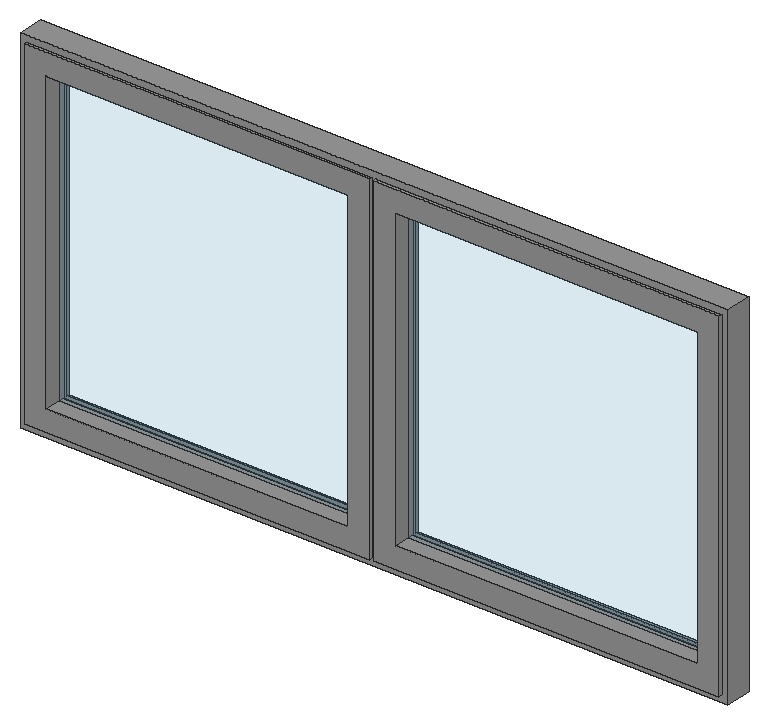
Revit family "Kawneer_Window_GT70s_Pos003", category Windows, host Wall, Revit 2020 (continued)
Definition of nested family "Kawneer_GT70s_Pos003"
  Definition of nested family "Kawneer_GT70s_Jamb3"
    Lines and regions (mm)
      model lines, in view "Ref. Level", detail levels fine
        curve 1016: line (-36.295, -70.195, 0) -> (-35.442, -69.342, 0)
        curve 1017: line (-35.442, -69.342, 0) -> (-35.549, -68.117, 0)
        curve 1018: line (-34.464, -69.417, 0) -> (-34.363, -68.264, 0)
        curve 1019: line (-34.363, -68.264, 0) -> (-32.117, -66.018, 0)
        curve 1020: line (-34.478, -70.5, 0) -> (-33.141, -69.163, 0)
        curve 1021: line (-31.978, -68, 0) -> (-30.947, -66.969, 0)
        curve 1022: line (-35.236, -69.6, 0) -> (-34.663, -69.6, 0)
        curve 1023: line (-33.55, -68.3, 0) -> (-33.55, -69.1, 0)
        curve 1024: line (-33.55, -69.1, 0) -> (-32.9, -69.2, 0)
        curve 1025: line (-32.9, -69.2, 0) -> (-32.9, -69.615, 0)
        curve 1026: line (-32.9, -69.615, 0) -> (-33.955, -70.5, 0)
        curve 1027: line (-33.955, -70.5, 0) -> (-35.926, -70.5, 0)
        curve 1028: line (-35.926, -70.5, 0) -> (-36.636, -69.913, 0)
        curve 1029: line (-36.65, -68, 0) -> (-39.049, -68, 0)
        curve 1030: line (-39.348, -68.324, 0) -> (-39.05, -72, 0)
        curve 1031: line (-39.05, -72, 0) -> (-39.35, -72, 0)
        curve 1032: line (-42.697, -69.376, 0) -> (-46.58, -68.317, 0)
        curve 1033: line (-30.85, -68, 0) -> (-33.25, -68, 0)
        curve 1034: line (-64.7, 8, 0) -> (-78.5, 8, 0)
        curve 1035: line (-79, 7.5, 0) -> (-79, -31.4, 0)
        curve 1036: line (-78.5, -31.9, 0) -> (-77.2, -31.9, 0)
        curve 1037: line (-76.7, -31.4, 0) -> (-76.7, -30.9, 0)
        curve 1038: line (-77.8, -29.9, 0) -> (-77.8, -6.7, 0)
        curve 1039: line (-77.3, -6.2, 0) -> (-61.85, -6.2, 0)
        curve 1040: line (-61.709, -6.541, 0) -> (-62.391, -7.224, 0)
        curve 1041: line (-62.391, -7.224, 0) -> (-62.45, -7.6, 0)
        curve 1042: line (-62.25, -7.8, 0) -> (-61.784, -7.8, 0)
        curve 1043: line (-61.534, -7.733, 0) -> (-59.903, -6.792, 0)
        curve 1044: line (-60.356, -5.1, 0) -> (-76.744, -5.1, 0)
        curve 1045: line (-77.744, -4.082, 0) -> (-77.576, 5.08, 0)
        curve 1046: line (-76.078, 6.5, 0) -> (-67.933, 6.5, 0)
        curve 1047: line (-67.5, 6.25, 0) -> (-65.97, 3.6, 0)
        curve 1048: line (-64.238, 2.6, 0) -> (-61.559, 2.6, 0)
        curve 1049: line (-61.205, 3.454, 0) -> (-61.764, 4.012, 0)
        curve 1050: line (-62.566, 3.8, 0) -> (-64.123, 3.8, 0)
        curve 1051: line (-64.989, 4.3, 0) -> (-65.999, 6.05, 0)
        curve 1052: line (-65.566, 6.8, 0) -> (-64.4, 6.8, 0)
        curve 1053: line (-64.2, 7, 0) -> (-64.2, 7.5, 0)
        curve 1054: line (-72.098, -65, 0) -> (-76.749, -69.651, 0)
        curve 1055: line (-75.119, -65.9, 0) -> (-77.219, -68, 0)
        curve 1056: line (-77.06, -65.148, 0) -> (-76.939, -65.599, 0)
        curve 1057: line (-76.939, -65.599, 0) -> (-78.836, -67.495, 0)
        curve 1058: line (-78.462, -65, 0) -> (-79.104, -65.642, 0)
        curve 1059: line (-77.902, -65, 0) -> (-73.251, -69.651, 0)
        curve 1060: line (-74.881, -65.9, 0) -> (-72.781, -68, 0)
        curve 1061: line (-72.94, -65.148, 0) -> (-73.061, -65.599, 0)
        curve 1062: line (-73.061, -65.599, 0) -> (-71.164, -67.495, 0)
        curve 1063: line (-71.538, -65, 0) -> (-70.896, -65.642, 0)
        curve 1064: line (-76.914, -69.415, 0) -> (-76.494, -70.015, 0)
        curve 1065: line (-76.33, -70.1, 0) -> (-75.765, -70.1, 0)
        curve 1066: line (-75.592, -70, 0) -> (-75.173, -69.274, 0)
        curve 1067: line (-74.827, -69.274, 0) -> (-74.408, -70, 0)
        curve 1068: line (-74.235, -70.1, 0) -> (-73.67, -70.1, 0)
        curve 1069: line (-73.506, -70.015, 0) -> (-73.086, -69.415, 0)
        curve 1070: line (-71.211, -67.817, 0) -> (-70.835, -65.217, 0)
        curve 1071: line (-71.034, -65, 0) -> (-72.747, -65, 0)
        curve 1072: line (-73.295, -65.9, 0) -> (-76.706, -65.9, 0)
        curve 1073: line (-77.253, -65, 0) -> (-78.966, -65, 0)
        curve 1074: line (-79.165, -65.217, 0) -> (-78.789, -67.817, 0)
        curve 1075: line (-70.73, -35.602, 0) -> (-72.021, -37.005, 0)
        curve 1076: line (-72.021, -37.005, 0) -> (-76.669, -32.005, 0)
        curve 1077: line (-72.834, -33.277, 0) -> (-74.692, -35.297, 0)
        curve 1078: line (-75.411, -31.466, 0) -> (-78.357, -34.668, 0)
        curve 1079: line (-78.357, -34.668, 0) -> (-77.061, -36.19, 0)
        curve 1080: line (-78.827, -35.18, 0) -> (-80.507, -37.005, 0)
        curve 1081: line (-80.507, -37.005, 0) -> (-81.826, -35.622, 0)
        curve 1082: line (-78.028, -32.005, 0) -> (-80.687, -34.896, 0)
        curve 1083: line (-81.002, -35.238, 0) -> (-82.562, -36.934, 0)
        curve 1084: line (-79.112, -30.877, 0) -> (-81.428, -33.395, 0)
        curve 1085: line (-82.278, -35.131, 0) -> (-81.981, -35.453, 0)
        curve 1086: line (-81.525, -33.644, 0) -> (-80.494, -34.765, 0)
        curve 1087: line (-81.02, -31.887, 0) -> (-79.304, -33.752, 0)
        curve 1088: line (-80.381, -30.276, 0) -> (-75.925, -35.119, 0)
        curve 1089: line (-74.833, -31.694, 0) -> (-70.1, -36.839, 0)
  Definition of nested family "Kawneer_GT70s_Mull3"
    Parameters (values of type "Jamb Open")
      Open [instance] = yes
    Reference planes
      plane 1 "Center (Front/Back)": y = 0
      plane 2: z = 0
      plane 3 "Center (Left/Right)": x = 0
      plane 4: x = -67
      plane 5: y = -37
      plane 6: y = -72
      plane 7: y = -65
      plane 8: y = -37
      plane 9: y = -65
      plane 10: x = 67
      plane 11: x = -57.95
      plane 12: x = 57.95
    Lines and regions (mm)
      model lines, in view "Ref. Level", detail levels fine
        curve 1: arc (36.749, -39.1, 0) -> (35.849, -38.2, 0) -> (36.749, -37.3, 0) r 0.9
        curve 2: arc (41.347, -39.499, 0) -> (42.247, -40.399, 0) -> (41.347, -41.299, 0) r 0.9
        curve 3: arc (46.95, -63.046, 0) -> (47.097, -62.693, 0) -> (47.45, -62.546, 0) r 0.5
        curve 4: arc (51.95, -62.046, 0) -> (51.804, -62.4, 0) -> (51.45, -62.546, 0) r 0.5
        curve 5: arc (51.45, -51.046, 0) -> (51.804, -51.193, 0) -> (51.95, -51.546, 0) r 0.5
        curve 6: arc (47.45, -51.046, 0) -> (47.097, -50.9, 0) -> (46.95, -50.546, 0) r 0.5
        curve 7: arc (51.95, -48.546, 0) -> (51.804, -48.9, 0) -> (51.45, -49.046, 0) r 0.5
        curve 8: arc (46.95, -49.546, 0) -> (47.097, -49.193, 0) -> (47.45, -49.046, 0) r 0.5
        curve 9: arc (47.45, -14.046, 0) -> (47.097, -13.9, 0) -> (46.95, -13.546, 0) r 0.5
        curve 10: arc (51.45, -14.046, 0) -> (51.804, -14.193, 0) -> (51.95, -14.546, 0) r 0.5
        curve 11: arc (46.95, -10.046, 0) -> (47.097, -9.693, 0) -> (47.45, -9.546, 0) r 0.5
        curve 12: arc (48.95, -9.546, 0) -> (49.304, -9.693, 0) -> (49.45, -10.046, 0) r 0.5
        curve 13: arc (49.95, -12.046, 0) -> (49.597, -11.9, 0) -> (49.45, -11.546, 0) r 0.5
        curve 14: spline (64.861, -35.939, 0) -> (64.983, -36.099, 0) -> (65.115, -36.249, 0) -> (65.258, -36.387, 0) -> (65.41, -36.512, 0) -> (65.571, -36.625, 0) -> (65.739, -36.724, 0) -> (65.913, -36.809, 0) -> (66.093, -36.879, 0) -> (66.277, -36.934, 0) -> (66.465, -36.973, 0) -> (66.655, -36.997, 0) -> (66.846, -37.005, 0)
        curve 15: spline (64.658, -35.658, 0) -> (64.512, -35.487, 0) -> (64.345, -35.341, 0) -> (64.161, -35.222, 0) -> (63.964, -35.133, 0) -> (63.756, -35.075, 0) -> (63.543, -35.05, 0) -> (63.329, -35.058, 0) -> (63.119, -35.099, 0) -> (62.916, -35.172, 0) -> (62.724, -35.276, 0) -> (62.548, -35.409, 0) -> (62.391, -35.567, 0)
        curve 16: spline (60.288, -37.005, 0) -> (60.424, -37, 0) -> (60.56, -36.985, 0) -> (60.695, -36.96, 0) -> (60.828, -36.924, 0) -> (60.958, -36.879, 0) -> (61.085, -36.825, 0) -> (61.209, -36.761, 0) -> (61.328, -36.688, 0) -> (61.442, -36.607, 0) -> (61.551, -36.517, 0) -> (61.654, -36.419, 0) -> (61.751, -36.314, 0)
        curve 17: spline (58.369, -35.717, 0) -> (58.231, -35.77, 0) -> (58.11, -35.857, 0) -> (58.012, -35.974, 0) -> (57.942, -36.113, 0) -> (57.905, -36.266, 0) -> (57.904, -36.425, 0) -> (57.937, -36.579, 0) -> (58.004, -36.72, 0) -> (58.1, -36.839, 0) -> (58.219, -36.929, 0) -> (58.355, -36.986, 0) -> (58.5, -37.005, 0)
        curve 18: spline (58.369, -35.717, 0) -> (58.564, -35.662, 0) -> (58.755, -35.592, 0) -> (58.941, -35.509, 0) -> (59.122, -35.413, 0) -> (59.296, -35.304, 0) -> (59.464, -35.182, 0) -> (59.623, -35.048, 0) -> (59.774, -34.903, 0) -> (59.916, -34.747, 0) -> (60.047, -34.582, 0) -> (60.168, -34.407, 0) -> (60.278, -34.223, 0)
        curve 19: spline (61.387, -32.421, 0) -> (61.289, -32.567, 0) -> (61.192, -32.714, 0) -> (61.096, -32.861, 0) -> (61.001, -33.01, 0) -> (60.907, -33.159, 0) -> (60.814, -33.309, 0) -> (60.722, -33.459, 0) -> (60.631, -33.611, 0) -> (60.541, -33.763, 0) -> (60.453, -33.915, 0) -> (60.365, -34.069, 0) -> (60.278, -34.223, 0)
        curve 20: spline (61.758, -32.12, 0) -> (61.722, -32.135, 0) -> (61.686, -32.153, 0) -> (61.651, -32.172, 0) -> (61.617, -32.193, 0) -> (61.584, -32.216, 0) -> (61.552, -32.241, 0) -> (61.521, -32.267, 0) -> (61.492, -32.295, 0) -> (61.464, -32.324, 0) -> (61.437, -32.355, 0) -> (61.411, -32.388, 0) -> (61.387, -32.421, 0)
        curve 21: spline (63.918, -31.492, 0) -> (63.907, -31.466, 0) -> (63.893, -31.442, 0) -> (63.877, -31.421, 0) -> (63.858, -31.402, 0) -> (63.837, -31.386, 0) -> (63.814, -31.372, 0) -> (63.79, -31.362, 0) -> (63.765, -31.356, 0) -> (63.739, -31.353, 0) -> (63.713, -31.354, 0) -> (63.688, -31.358, 0) -> (63.663, -31.366, 0)
        curve 22: spline (63.973, -31.825, 0) -> (63.978, -31.85, 0) -> (63.986, -31.874, 0) -> (63.997, -31.896, 0) -> (64.01, -31.918, 0) -> (64.025, -31.937, 0) -> (64.041, -31.954, 0) -> (64.06, -31.969, 0) -> (64.08, -31.982, 0) -> (64.102, -31.992, 0) -> (64.124, -31.999, 0) -> (64.147, -32.004, 0) -> (64.17, -32.005, 0)
        curve 23: spline (66.332, -32.005, 0) -> (66.443, -31.997, 0) -> (66.552, -31.972, 0) -> (66.656, -31.93, 0) -> (66.755, -31.874, 0) -> (66.845, -31.803, 0) -> (66.925, -31.719, 0) -> (66.994, -31.623, 0) -> (67.05, -31.519, 0) -> (67.092, -31.407, 0) -> (67.119, -31.289, 0) -> (67.131, -31.169, 0) -> (67.127, -31.048, 0)
        curve 24: spline (67.432, -29.319, 0) -> (67.381, -29.296, 0) -> (67.326, -29.284, 0) -> (67.271, -29.284, 0) -> (67.216, -29.294, 0) -> (67.164, -29.315, 0) -> (67.117, -29.347, 0) -> (67.075, -29.387, 0) -> (67.041, -29.435, 0) -> (67.016, -29.489, 0) -> (67.001, -29.547, 0) -> (66.995, -29.607, 0) -> (67, -29.667, 0)
        curve 25: spline (68.481, -30.472, 0) -> (68.421, -30.35, 0) -> (68.356, -30.233, 0) -> (68.285, -30.119, 0) -> (68.209, -30.01, 0) -> (68.127, -29.905, 0) -> (68.041, -29.804, 0) -> (67.95, -29.709, 0) -> (67.854, -29.62, 0) -> (67.754, -29.535, 0) -> (67.651, -29.457, 0) -> (67.543, -29.385, 0) -> (67.432, -29.319, 0)
        curve 26: spline (69.268, -32.832, 0) -> (69.222, -32.629, 0) -> (69.172, -32.426, 0) -> (69.119, -32.225, 0) -> (69.062, -32.024, 0) -> (69.001, -31.825, 0) -> (68.937, -31.627, 0) -> (68.87, -31.431, 0) -> (68.799, -31.236, 0) -> (68.724, -31.042, 0) -> (68.646, -30.85, 0) -> (68.565, -30.66, 0) -> (68.481, -30.472, 0)
        curve 27: spline (69.268, -32.832, 0) -> (69.31, -33.008, 0) -> (69.358, -33.181, 0) -> (69.413, -33.352, 0) -> (69.475, -33.521, 0) -> (69.543, -33.687, 0) -> (69.617, -33.849, 0) -> (69.697, -34.008, 0) -> (69.784, -34.163, 0) -> (69.876, -34.314, 0) -> (69.974, -34.46, 0) -> (70.078, -34.602, 0) -> (70.186, -34.74, 0)
        curve 28: spline (69.756, -35.44, 0) -> (69.841, -35.462, 0) -> (69.929, -35.463, 0) -> (70.015, -35.443, 0) -> (70.095, -35.403, 0) -> (70.165, -35.345, 0) -> (70.222, -35.272, 0) -> (70.262, -35.187, 0) -> (70.285, -35.095, 0) -> (70.288, -34.999, 0) -> (70.272, -34.905, 0) -> (70.238, -34.817, 0) -> (70.186, -34.74, 0)
        curve 29: spline (67.522, -33.912, 0) -> (67.682, -34.079, 0) -> (67.847, -34.239, 0) -> (68.018, -34.393, 0) -> (68.194, -34.54, 0) -> (68.375, -34.679, 0) -> (68.56, -34.811, 0) -> (68.75, -34.936, 0) -> (68.944, -35.053, 0) -> (69.142, -35.162, 0) -> (69.343, -35.263, 0) -> (69.548, -35.356, 0) -> (69.756, -35.44, 0)
        curve 30: spline (67.522, -33.912, 0) -> (67.336, -33.768, 0) -> (67.118, -33.696, 0) -> (66.89, -33.705, 0) -> (66.677, -33.792, 0) -> (66.501, -33.95, 0) -> (66.38, -34.16, 0) -> (66.329, -34.402, 0) -> (66.351, -34.648, 0) -> (66.446, -34.874, 0) -> (66.601, -35.055, 0) -> (66.803, -35.171, 0) -> (67.027, -35.212, 0)
        curve 31: spline (70.154, -35.961, 0) -> (70.067, -35.854, 0) -> (69.973, -35.754, 0) -> (69.873, -35.661, 0) -> (69.768, -35.576, 0) -> (69.657, -35.499, 0) -> (69.542, -35.43, 0) -> (69.423, -35.37, 0) -> (69.3, -35.32, 0) -> (69.174, -35.278, 0) -> (69.046, -35.246, 0) -> (68.916, -35.224, 0) -> (68.785, -35.212, 0)
        curve 32: spline (70.154, -35.961, 0) -> (70.166, -35.976, 0) -> (70.178, -35.99, 0) -> (70.191, -36.004, 0) -> (70.203, -36.018, 0) -> (70.216, -36.032, 0) -> (70.228, -36.046, 0) -> (70.241, -36.059, 0) -> (70.254, -36.073, 0) -> (70.267, -36.086, 0) -> (70.28, -36.1, 0) -> (70.293, -36.113, 0) -> (70.307, -36.126, 0)
        curve 33: spline (70.611, -36.478, 0) -> (70.588, -36.446, 0) -> (70.564, -36.415, 0) -> (70.541, -36.384, 0) -> (70.516, -36.354, 0) -> (70.491, -36.324, 0) -> (70.466, -36.294, 0) -> (70.441, -36.265, 0) -> (70.415, -36.236, 0) -> (70.388, -36.208, 0) -> (70.361, -36.18, 0) -> (70.334, -36.153, 0) -> (70.307, -36.126, 0)
        curve 34: spline (70.375, -37.005, 0) -> (70.431, -36.999, 0) -> (70.484, -36.983, 0) -> (70.534, -36.955, 0) -> (70.579, -36.919, 0) -> (70.616, -36.873, 0) -> (70.645, -36.822, 0) -> (70.665, -36.765, 0) -> (70.674, -36.705, 0) -> (70.674, -36.644, 0) -> (70.662, -36.585, 0) -> (70.641, -36.529, 0) -> (70.611, -36.478, 0)
        curve 35: arc (-36.749, -39.1, 0) -> (-35.849, -38.2, 0) -> (-36.749, -37.3, 0) r 0.9
        curve 36: arc (-41.347, -39.499, 0) -> (-42.247, -40.399, 0) -> (-41.347, -41.299, 0) r 0.9
        curve 37: arc (-46.95, -63.046, 0) -> (-47.097, -62.693, 0) -> (-47.45, -62.546, 0) r 0.5
        curve 38: arc (-51.95, -62.046, 0) -> (-51.804, -62.4, 0) -> (-51.45, -62.546, 0) r 0.5
        curve 39: arc (-51.45, -51.046, 0) -> (-51.804, -51.193, 0) -> (-51.95, -51.546, 0) r 0.5
        curve 40: arc (-47.45, -51.046, 0) -> (-47.097, -50.9, 0) -> (-46.95, -50.546, 0) r 0.5
        curve 41: arc (-51.95, -48.546, 0) -> (-51.804, -48.9, 0) -> (-51.45, -49.046, 0) r 0.5
        curve 42: arc (-46.95, -49.546, 0) -> (-47.097, -49.193, 0) -> (-47.45, -49.046, 0) r 0.5
        curve 43: arc (-47.45, -14.046, 0) -> (-47.097, -13.9, 0) -> (-46.95, -13.546, 0) r 0.5
        curve 44: arc (-51.45, -14.046, 0) -> (-51.804, -14.193, 0) -> (-51.95, -14.546, 0) r 0.5
        curve 45: arc (-46.95, -10.046, 0) -> (-47.097, -9.693, 0) -> (-47.45, -9.546, 0) r 0.5
        curve 46: arc (-48.95, -9.546, 0) -> (-49.304, -9.693, 0) -> (-49.45, -10.046, 0) r 0.5
        curve 47: arc (-49.95, -12.046, 0) -> (-49.597, -11.9, 0) -> (-49.45, -11.546, 0) r 0.5
        curve 48: spline (-64.861, -35.939, 0) -> (-64.983, -36.099, 0) -> (-65.115, -36.249, 0) -> (-65.258, -36.387, 0) -> (-65.41, -36.512, 0) -> (-65.571, -36.625, 0) -> (-65.739, -36.724, 0) -> (-65.913, -36.809, 0) -> (-66.093, -36.879, 0) -> (-66.277, -36.934, 0) -> (-66.465, -36.973, 0) -> (-66.655, -36.997, 0) -> (-66.846, -37.005, 0)
        curve 49: spline (-64.658, -35.658, 0) -> (-64.512, -35.487, 0) -> (-64.345, -35.341, 0) -> (-64.161, -35.222, 0) -> (-63.964, -35.133, 0) -> (-63.756, -35.075, 0) -> (-63.543, -35.05, 0) -> (-63.329, -35.058, 0) -> (-63.119, -35.099, 0) -> (-62.916, -35.172, 0) -> (-62.724, -35.276, 0) -> (-62.548, -35.409, 0) -> (-62.391, -35.567, 0)
        curve 50: spline (-60.288, -37.005, 0) -> (-60.424, -37, 0) -> (-60.56, -36.985, 0) -> (-60.695, -36.96, 0) -> (-60.828, -36.924, 0) -> (-60.958, -36.879, 0) -> (-61.085, -36.825, 0) -> (-61.209, -36.761, 0) -> (-61.328, -36.688, 0) -> (-61.442, -36.607, 0) -> (-61.551, -36.517, 0) -> (-61.654, -36.419, 0) -> (-61.751, -36.314, 0)
        curve 51: spline (-58.369, -35.717, 0) -> (-58.231, -35.77, 0) -> (-58.11, -35.857, 0) -> (-58.012, -35.974, 0) -> (-57.942, -36.113, 0) -> (-57.905, -36.266, 0) -> (-57.904, -36.425, 0) -> (-57.937, -36.579, 0) -> (-58.004, -36.72, 0) -> (-58.1, -36.839, 0) -> (-58.219, -36.929, 0) -> (-58.355, -36.986, 0) -> (-58.5, -37.005, 0)
        curve 52: spline (-58.369, -35.717, 0) -> (-58.564, -35.662, 0) -> (-58.755, -35.592, 0) -> (-58.941, -35.509, 0) -> (-59.122, -35.413, 0) -> (-59.296, -35.304, 0) -> (-59.464, -35.182, 0) -> (-59.623, -35.048, 0) -> (-59.774, -34.903, 0) -> (-59.916, -34.747, 0) -> (-60.047, -34.582, 0) -> (-60.168, -34.407, 0) -> (-60.278, -34.223, 0)
        curve 53: spline (-61.387, -32.421, 0) -> (-61.289, -32.567, 0) -> (-61.192, -32.714, 0) -> (-61.096, -32.861, 0) -> (-61.001, -33.01, 0) -> (-60.907, -33.159, 0) -> (-60.814, -33.309, 0) -> (-60.722, -33.459, 0) -> (-60.631, -33.611, 0) -> (-60.541, -33.763, 0) -> (-60.453, -33.915, 0) -> (-60.365, -34.069, 0) -> (-60.278, -34.223, 0)
        curve 54: spline (-61.758, -32.12, 0) -> (-61.722, -32.135, 0) -> (-61.686, -32.153, 0) -> (-61.651, -32.172, 0) -> (-61.617, -32.193, 0) -> (-61.584, -32.216, 0) -> (-61.552, -32.241, 0) -> (-61.521, -32.267, 0) -> (-61.492, -32.295, 0) -> (-61.464, -32.324, 0) -> (-61.437, -32.355, 0) -> (-61.411, -32.388, 0) -> (-61.387, -32.421, 0)
        curve 55: spline (-63.918, -31.492, 0) -> (-63.907, -31.466, 0) -> (-63.893, -31.442, 0) -> (-63.877, -31.421, 0) -> (-63.858, -31.402, 0) -> (-63.837, -31.386, 0) -> (-63.814, -31.372, 0) -> (-63.79, -31.362, 0) -> (-63.765, -31.356, 0) -> (-63.739, -31.353, 0) -> (-63.713, -31.354, 0) -> (-63.688, -31.358, 0) -> (-63.663, -31.366, 0)
        curve 56: spline (-63.973, -31.825, 0) -> (-63.978, -31.85, 0) -> (-63.986, -31.874, 0) -> (-63.997, -31.896, 0) -> (-64.01, -31.918, 0) -> (-64.025, -31.937, 0) -> (-64.041, -31.954, 0) -> (-64.06, -31.969, 0) -> (-64.08, -31.982, 0) -> (-64.102, -31.992, 0) -> (-64.124, -31.999, 0) -> (-64.147, -32.004, 0) -> (-64.17, -32.005, 0)
        curve 57: spline (-66.332, -32.005, 0) -> (-66.443, -31.997, 0) -> (-66.552, -31.972, 0) -> (-66.656, -31.93, 0) -> (-66.755, -31.874, 0) -> (-66.845, -31.803, 0) -> (-66.925, -31.719, 0) -> (-66.994, -31.623, 0) -> (-67.05, -31.519, 0) -> (-67.092, -31.407, 0) -> (-67.119, -31.289, 0) -> (-67.131, -31.169, 0) -> (-67.127, -31.048, 0)
        curve 58: spline (-67.432, -29.319, 0) -> (-67.381, -29.296, 0) -> (-67.326, -29.284, 0) -> (-67.271, -29.284, 0) -> (-67.216, -29.294, 0) -> (-67.164, -29.315, 0) -> (-67.117, -29.347, 0) -> (-67.075, -29.387, 0) -> (-67.041, -29.435, 0) -> (-67.016, -29.489, 0) -> (-67.001, -29.547, 0) -> (-66.995, -29.607, 0) -> (-67, -29.667, 0)
        curve 59: spline (-68.481, -30.472, 0) -> (-68.421, -30.35, 0) -> (-68.356, -30.233, 0) -> (-68.285, -30.119, 0) -> (-68.209, -30.01, 0) -> (-68.127, -29.905, 0) -> (-68.041, -29.804, 0) -> (-67.95, -29.709, 0) -> (-67.854, -29.62, 0) -> (-67.754, -29.535, 0) -> (-67.651, -29.457, 0) -> (-67.543, -29.385, 0) -> (-67.432, -29.319, 0)
        curve 60: spline (-69.268, -32.832, 0) -> (-69.222, -32.629, 0) -> (-69.172, -32.426, 0) -> (-69.119, -32.225, 0) -> (-69.062, -32.024, 0) -> (-69.001, -31.825, 0) -> (-68.937, -31.627, 0) -> (-68.87, -31.431, 0) -> (-68.799, -31.236, 0) -> (-68.724, -31.042, 0) -> (-68.646, -30.85, 0) -> (-68.565, -30.66, 0) -> (-68.481, -30.472, 0)
        curve 61: spline (-69.268, -32.832, 0) -> (-69.31, -33.008, 0) -> (-69.358, -33.181, 0) -> (-69.413, -33.352, 0) -> (-69.475, -33.521, 0) -> (-69.543, -33.687, 0) -> (-69.617, -33.849, 0) -> (-69.697, -34.008, 0) -> (-69.784, -34.163, 0) -> (-69.876, -34.314, 0) -> (-69.974, -34.46, 0) -> (-70.078, -34.602, 0) -> (-70.186, -34.74, 0)
        curve 62: spline (-69.756, -35.44, 0) -> (-69.841, -35.462, 0) -> (-69.929, -35.463, 0) -> (-70.015, -35.443, 0) -> (-70.095, -35.403, 0) -> (-70.165, -35.345, 0) -> (-70.222, -35.272, 0) -> (-70.262, -35.187, 0) -> (-70.285, -35.095, 0) -> (-70.288, -34.999, 0) -> (-70.272, -34.905, 0) -> (-70.238, -34.817, 0) -> (-70.186, -34.74, 0)
        curve 63: spline (-67.522, -33.912, 0) -> (-67.682, -34.079, 0) -> (-67.847, -34.239, 0) -> (-68.018, -34.393, 0) -> (-68.194, -34.54, 0) -> (-68.375, -34.679, 0) -> (-68.56, -34.811, 0) -> (-68.75, -34.936, 0) -> (-68.944, -35.053, 0) -> (-69.142, -35.162, 0) -> (-69.343, -35.263, 0) -> (-69.548, -35.356, 0) -> (-69.756, -35.44, 0)
        curve 64: spline (-67.522, -33.912, 0) -> (-67.336, -33.768, 0) -> (-67.118, -33.696, 0) -> (-66.89, -33.705, 0) -> (-66.677, -33.792, 0) -> (-66.501, -33.95, 0) -> (-66.38, -34.16, 0) -> (-66.329, -34.402, 0) -> (-66.351, -34.648, 0) -> (-66.446, -34.874, 0) -> (-66.601, -35.055, 0) -> (-66.803, -35.171, 0) -> (-67.027, -35.212, 0)
        curve 65: spline (-70.154, -35.961, 0) -> (-70.067, -35.854, 0) -> (-69.973, -35.754, 0) -> (-69.873, -35.661, 0) -> (-69.768, -35.576, 0) -> (-69.657, -35.499, 0) -> (-69.542, -35.43, 0) -> (-69.423, -35.37, 0) -> (-69.3, -35.32, 0) -> (-69.174, -35.278, 0) -> (-69.046, -35.246, 0) -> (-68.916, -35.224, 0) -> (-68.785, -35.212, 0)
        curve 66: spline (-70.154, -35.961, 0) -> (-70.166, -35.976, 0) -> (-70.178, -35.99, 0) -> (-70.191, -36.004, 0) -> (-70.203, -36.018, 0) -> (-70.216, -36.032, 0) -> (-70.228, -36.046, 0) -> (-70.241, -36.059, 0) -> (-70.254, -36.073, 0) -> (-70.267, -36.086, 0) -> (-70.28, -36.1, 0) -> (-70.293, -36.113, 0) -> (-70.307, -36.126, 0)
        curve 67: spline (-70.611, -36.478, 0) -> (-70.588, -36.446, 0) -> (-70.564, -36.415, 0) -> (-70.541, -36.384, 0) -> (-70.516, -36.354, 0) -> (-70.491, -36.324, 0) -> (-70.466, -36.294, 0) -> (-70.441, -36.265, 0) -> (-70.415, -36.236, 0) -> (-70.388, -36.208, 0) -> (-70.361, -36.18, 0) -> (-70.334, -36.153, 0) -> (-70.307, -36.126, 0)
        curve 68: spline (-70.375, -37.005, 0) -> (-70.431, -36.999, 0) -> (-70.484, -36.983, 0) -> (-70.534, -36.955, 0) -> (-70.579, -36.919, 0) -> (-70.616, -36.873, 0) -> (-70.645, -36.822, 0) -> (-70.665, -36.765, 0) -> (-70.674, -36.705, 0) -> (-70.674, -36.644, 0) -> (-70.662, -36.585, 0) -> (-70.641, -36.529, 0) -> (-70.611, -36.478, 0)
        curve 69: arc (3.7, -70.4, 0) -> (3.641, -70.541, 0) -> (3.5, -70.6, 0) r 0.2
        curve 70: arc (3.7, -70.4, 0) -> (3.759, -70.259, 0) -> (3.9, -70.2, 0) r 0.2
        curve 71: arc (5.2, -70, 0) -> (5.141, -70.141, 0) -> (5, -70.2, 0) r 0.2
        curve 72: arc (5.2, -68.9, 0) -> (5.259, -68.759, 0) -> (5.4, -68.7, 0) r 0.2
        curve 73: arc (5.6, -68.5, 0) -> (5.541, -68.641, 0) -> (5.4, -68.7, 0) r 0.2
        curve 74: arc (5.4, -57, 0) -> (5.541, -57.059, 0) -> (5.6, -57.2, 0) r 0.2
        curve 75: arc (5.4, -57, 0) -> (5.259, -56.941, 0) -> (5.2, -56.8, 0) r 0.2
        curve 76: arc (5, -55.5, 0) -> (5.141, -55.559, 0) -> (5.2, -55.7, 0) r 0.2
        curve 77: arc (3.9, -55.5, 0) -> (3.759, -55.441, 0) -> (3.7, -55.3, 0) r 0.2
        curve 78: arc (3.5, -55.1, 0) -> (3.641, -55.159, 0) -> (3.7, -55.3, 0) r 0.2
        curve 79: arc (-3.7, -55.3, 0) -> (-3.641, -55.159, 0) -> (-3.5, -55.1, 0) r 0.2
        curve 80: arc (-3.7, -55.3, 0) -> (-3.759, -55.441, 0) -> (-3.9, -55.5, 0) r 0.2
        curve 81: arc (-5.2, -55.7, 0) -> (-5.141, -55.559, 0) -> (-5, -55.5, 0) r 0.2
        curve 82: arc (-5.2, -56.713, 0) -> (-5.259, -56.854, 0) -> (-5.4, -56.913, 0) r 0.2
        curve 83: arc (-5.6, -57.113, 0) -> (-5.541, -56.971, 0) -> (-5.4, -56.913, 0) r 0.2
        curve 84: arc (-5.4, -68.787, 0) -> (-5.541, -68.729, 0) -> (-5.6, -68.587, 0) r 0.2
        curve 85: arc (-5.4, -68.787, 0) -> (-5.259, -68.846, 0) -> (-5.2, -68.987, 0) r 0.2
        curve 86: arc (-5, -70.2, 0) -> (-5.141, -70.141, 0) -> (-5.2, -70, 0) r 0.2
        curve 87: arc (-3.9, -70.2, 0) -> (-3.759, -70.259, 0) -> (-3.7, -70.4, 0) r 0.2
        curve 88: arc (-3.5, -70.6, 0) -> (-3.641, -70.541, 0) -> (-3.7, -70.4, 0) r 0.2
        curve 89: arc (-26.5, -72, 0) -> (-26.854, -71.854, 0) -> (-27, -71.5, 0) r 0.5
        curve 90: arc (-27, -68.5, 0) -> (-26.854, -68.146, 0) -> (-26.5, -68, 0) r 0.5
        curve 91: arc (-25, -68, 0) -> (-24.646, -68.146, 0) -> (-24.5, -68.5, 0) r 0.5
        curve 92: arc (-24.5, -68.8, 0) -> (-24.559, -68.941, 0) -> (-24.7, -69, 0) r 0.2
        curve 93: arc (-25.8, -69.5, 0) -> (-25.654, -69.146, 0) -> (-25.3, -69, 0) r 0.5
        curve 94: arc (-25.3, -70.6, 0) -> (-25.654, -70.454, 0) -> (-25.8, -70.1, 0) r 0.5
        curve 95: arc (-20.2, -70.1, 0) -> (-20.346, -70.454, 0) -> (-20.7, -70.6, 0) r 0.5
        curve 96: arc (-20.7, -69, 0) -> (-20.346, -69.146, 0) -> (-20.2, -69.5, 0) r 0.5
        curve 97: arc (-21.3, -69, 0) -> (-21.441, -68.941, 0) -> (-21.5, -68.8, 0) r 0.2
        curve 98: arc (-21.5, -68.5, 0) -> (-21.354, -68.146, 0) -> (-21, -68, 0) r 0.5
        curve 99: arc (-17.9, -68, 0) -> (-17.5, -68.4, 0) -> (-17.9, -68.8, 0) r 0.4
        curve 100: arc (-19, -69, 0) -> (-18.941, -68.859, 0) -> (-18.8, -68.8, 0) r 0.2
        curve 101: arc (-18.5, -70.4, 0) -> (-18.854, -70.254, 0) -> (-19, -69.9, 0) r 0.5
        curve 102: arc (-7, -69.711, 0) -> (-7.143, -70.061, 0) -> (-7.489, -70.211, 0) r 0.5
        curve 103: arc (-7.5, -55.7, 0) -> (-7.146, -55.846, 0) -> (-7, -56.2, 0) r 0.5
        curve 104: arc (-10.5, -55.9, 0) -> (-10.441, -55.759, 0) -> (-10.3, -55.7, 0) r 0.2
        curve 105: arc (-10.5, -57.1, 0) -> (-10.559, -57.241, 0) -> (-10.7, -57.3, 0) r 0.2
        curve 106: arc (-10.7, -57.3, 0) -> (-11.266, -57.066, 0) -> (-11.5, -56.5, 0) r 0.8
        curve 107: arc (-11.5, -53.3, 0) -> (-11.354, -52.946, 0) -> (-11, -52.8, 0) r 0.5
        curve 108: arc (-11, -52.8, 0) -> (-10.646, -52.946, 0) -> (-10.5, -53.3, 0) r 0.5
        curve 109: arc (-10.2, -54.2, 0) -> (-10.412, -54.112, 0) -> (-10.5, -53.9, 0) r 0.3
        curve 110: arc (-7, -53.5, 0) -> (-7.205, -53.995, 0) -> (-7.7, -54.2, 0) r 0.7
        curve 111: arc (-7, -50.633, 0) -> (-6.85, -50.373, 0) -> (-6.55, -50.373, 0) r 0.3
        curve 112: arc (-4.82, -51.372, 0) -> (-4.712, -51.634, 0) -> (-4.973, -51.742, 0) r 0.2
        curve 113: arc (-5.402, -53.5, 0) -> (-5.568, -53.411, 0) -> (-5.587, -53.223, 0) r 0.2
        curve 114: arc (-1.6, -53.3, 0) -> (-1.659, -53.441, 0) -> (-1.8, -53.5, 0) r 0.2
        curve 115: arc (-2.386, -51.398, 0) -> (-2.616, -51.215, 0) -> (-2.416, -51, 0) r 0.2
        curve 116: arc (-2.039, -51, 0) -> (-1.246, -51.107, 0) -> (-0.51, -51.419, 0) r 3
        curve 117: arc (0.51, -51.419, 0) -> (0, -51.559, 0) -> (-0.51, -51.419, 0) r 1
        curve 118: arc (0.51, -51.419, 0) -> (1.246, -51.107, 0) -> (2.039, -51, 0) r 3
        curve 119: arc (2.416, -51, 0) -> (2.616, -51.215, 0) -> (2.386, -51.398, 0) r 0.2
        curve 120: arc (1.8, -53.5, 0) -> (1.659, -53.441, 0) -> (1.6, -53.3, 0) r 0.2
        curve 121: arc (5.587, -53.223, 0) -> (5.568, -53.411, 0) -> (5.402, -53.5, 0) r 0.2
        curve 122: arc (4.973, -51.742, 0) -> (4.712, -51.634, 0) -> (4.82, -51.372, 0) r 0.2
        curve 123: arc (6.55, -50.373, 0) -> (6.85, -50.373, 0) -> (7, -50.633, 0) r 0.3
        curve 124: arc (7.7, -54.2, 0) -> (7.205, -53.995, 0) -> (7, -53.5, 0) r 0.7
        curve 125: arc (10.5, -53.9, 0) -> (10.412, -54.112, 0) -> (10.2, -54.2, 0) r 0.3
        curve 126: arc (10.5, -53.3, 0) -> (10.646, -52.946, 0) -> (11, -52.8, 0) r 0.5
        curve 127: arc (11, -52.8, 0) -> (11.354, -52.946, 0) -> (11.5, -53.3, 0) r 0.5
        curve 128: arc (11.5, -56.5, 0) -> (11.266, -57.066, 0) -> (10.7, -57.3, 0) r 0.8
        curve 129: arc (10.7, -57.3, 0) -> (10.559, -57.241, 0) -> (10.5, -57.1, 0) r 0.2
        curve 130: arc (10.3, -55.7, 0) -> (10.441, -55.759, 0) -> (10.5, -55.9, 0) r 0.2
        curve 131: arc (7, -56.2, 0) -> (7.146, -55.846, 0) -> (7.5, -55.7, 0) r 0.5
        curve 132: arc (7.489, -70.211, 0) -> (7.143, -70.061, 0) -> (7, -69.711, 0) r 0.5
        curve 133: arc (19, -69.9, 0) -> (18.854, -70.254, 0) -> (18.5, -70.4, 0) r 0.5
        curve 134: arc (18.8, -68.8, 0) -> (18.941, -68.859, 0) -> (19, -69, 0) r 0.2
        curve 135: arc (17.9, -68.8, 0) -> (17.5, -68.4, 0) -> (17.9, -68, 0) r 0.4
        curve 136: arc (21, -68, 0) -> (21.354, -68.146, 0) -> (21.5, -68.5, 0) r 0.5
        curve 137: arc (21.5, -68.8, 0) -> (21.441, -68.941, 0) -> (21.3, -69, 0) r 0.2
        curve 138: arc (20.2, -69.5, 0) -> (20.346, -69.146, 0) -> (20.7, -69, 0) r 0.5
        curve 139: arc (20.7, -70.6, 0) -> (20.346, -70.454, 0) -> (20.2, -70.1, 0) r 0.5
        curve 140: arc (25.8, -70.1, 0) -> (25.654, -70.454, 0) -> (25.3, -70.6, 0) r 0.5
        curve 141: arc (25.3, -69, 0) -> (25.654, -69.146, 0) -> (25.8, -69.5, 0) r 0.5
        curve 142: arc (24.7, -69, 0) -> (24.559, -68.941, 0) -> (24.5, -68.8, 0) r 0.2
        curve 143: arc (24.5, -68.5, 0) -> (24.646, -68.146, 0) -> (25, -68, 0) r 0.5
        curve 144: arc (26.5, -68, 0) -> (26.854, -68.146, 0) -> (27, -68.5, 0) r 0.5
        curve 145: arc (27, -71.5, 0) -> (26.854, -71.854, 0) -> (26.5, -72, 0) r 0.5
        curve 146: arc (-3.7, -1.6, 0) -> (-3.641, -1.459, 0) -> (-3.5, -1.4, 0) r 0.2
        curve 147: arc (-3.7, -1.6, 0) -> (-3.759, -1.741, 0) -> (-3.9, -1.8, 0) r 0.2
        curve 148: arc (-5.2, -2, 0) -> (-5.141, -1.859, 0) -> (-5, -1.8, 0) r 0.2
        curve 149: arc (-5.2, -3.013, 0) -> (-5.259, -3.154, 0) -> (-5.4, -3.213, 0) r 0.2
        curve 150: arc (-5.6, -3.413, 0) -> (-5.541, -3.271, 0) -> (-5.4, -3.213, 0) r 0.2
        curve 151: arc (-5.4, -15.4, 0) -> (-5.541, -15.341, 0) -> (-5.6, -15.2, 0) r 0.2
        curve 152: arc (-5.4, -15.4, 0) -> (-5.259, -15.459, 0) -> (-5.2, -15.6, 0) r 0.2
        curve 153: arc (-5, -16.7, 0) -> (-5.141, -16.641, 0) -> (-5.2, -16.5, 0) r 0.2
        curve 154: arc (-4.273, -16.7, 0) -> (-4.173, -16.727, 0) -> (-4.1, -16.8, 0) r 0.2
        curve 155: arc (-3.927, -16.9, 0) -> (-4.027, -16.873, 0) -> (-4.1, -16.8, 0) r 0.2
        curve 156: arc (4.1, -16.8, 0) -> (4.027, -16.873, 0) -> (3.927, -16.9, 0) r 0.2
        curve 157: arc (4.1, -16.8, 0) -> (4.173, -16.727, 0) -> (4.273, -16.7, 0) r 0.2
        curve 158: arc (5.2, -16.5, 0) -> (5.141, -16.641, 0) -> (5, -16.7, 0) r 0.2
        curve 159: arc (5.2, -15.6, 0) -> (5.259, -15.459, 0) -> (5.4, -15.4, 0) r 0.2
        curve 160: arc (5.6, -15.2, 0) -> (5.541, -15.341, 0) -> (5.4, -15.4, 0) r 0.2
        curve 161: arc (5.4, -3.213, 0) -> (5.541, -3.271, 0) -> (5.6, -3.413, 0) r 0.2
        curve 162: arc (5.4, -3.213, 0) -> (5.259, -3.154, 0) -> (5.2, -3.013, 0) r 0.2
        curve 163: arc (5, -1.8, 0) -> (5.141, -1.859, 0) -> (5.2, -2, 0) r 0.2
        curve 164: arc (3.9, -1.8, 0) -> (3.759, -1.741, 0) -> (3.7, -1.6, 0) r 0.2
        curve 165: arc (3.5, -1.4, 0) -> (3.641, -1.459, 0) -> (3.7, -1.6, 0) r 0.2
        curve 166: arc (11.5, 0, 0) -> (11.854, -0.146, 0) -> (12, -0.5, 0) r 0.5
        curve 167: arc (12, -2.342, 0) -> (11.667, -3.447, 0) -> (10.778, -4.184, 0) r 2
        curve 168: arc (10.778, -4.184, 0) -> (10.589, -4.167, 0) -> (10.5, -4, 0) r 0.2
        curve 169: arc (10, -1.8, 0) -> (10.354, -1.946, 0) -> (10.5, -2.3, 0) r 0.5
        curve 170: arc (7, -2.3, 0) -> (7.146, -1.946, 0) -> (7.5, -1.8, 0) r 0.5
        curve 171: arc (7.5, -16.3, 0) -> (7.146, -16.154, 0) -> (7, -15.8, 0) r 0.5
        curve 172: arc (10.5, -15.8, 0) -> (10.354, -16.154, 0) -> (10, -16.3, 0) r 0.5
        curve 173: arc (10.5, -14.4, 0) -> (10.594, -14.23, 0) -> (10.788, -14.22, 0) r 0.2
        curve 174: arc (10.788, -14.22, 0) -> (11.526, -14.884, 0) -> (11.8, -15.839, 0) r 1.8
        curve 175: arc (11.8, -18.6, 0) -> (11.507, -19.307, 0) -> (10.8, -19.6, 0) r 1
        curve 176: arc (10.7, -19.6, 0) -> (10.559, -19.541, 0) -> (10.5, -19.4, 0) r 0.2
        curve 177: arc (10.3, -18, 0) -> (10.441, -18.059, 0) -> (10.5, -18.2, 0) r 0.2
        curve 178: arc (7, -18.7, 0) -> (7.205, -18.205, 0) -> (7.7, -18, 0) r 0.7
        curve 179: arc (7, -21.367, 0) -> (6.85, -21.627, 0) -> (6.55, -21.627, 0) r 0.3
        curve 180: arc (4.82, -20.628, 0) -> (4.712, -20.366, 0) -> (4.973, -20.258, 0) r 0.2
        curve 181: arc (5.402, -18.5, 0) -> (5.568, -18.589, 0) -> (5.587, -18.777, 0) r 0.2
        curve 182: arc (1.6, -18.7, 0) -> (1.659, -18.559, 0) -> (1.8, -18.5, 0) r 0.2
        curve 183: arc (2.381, -20.603, 0) -> (2.615, -20.782, 0) -> (2.416, -21, 0) r 0.2
        curve 184: arc (2.039, -21, 0) -> (1.246, -20.893, 0) -> (0.51, -20.581, 0) r 3
        curve 185: arc (-0.51, -20.581, 0) -> (0, -20.441, 0) -> (0.51, -20.581, 0) r 1
        curve 186: arc (-0.51, -20.581, 0) -> (-1.246, -20.893, 0) -> (-2.039, -21, 0) r 3
        curve 187: arc (-2.416, -21, 0) -> (-2.616, -20.785, 0) -> (-2.386, -20.602, 0) r 0.2
        curve 188: arc (-1.8, -18.5, 0) -> (-1.659, -18.559, 0) -> (-1.6, -18.7, 0) r 0.2
        curve 189: arc (-5.587, -18.777, 0) -> (-5.568, -18.589, 0) -> (-5.402, -18.5, 0) r 0.2
        curve 190: arc (-4.973, -20.258, 0) -> (-4.712, -20.366, 0) -> (-4.82, -20.628, 0) r 0.2
        curve 191: arc (-6.55, -21.627, 0) -> (-6.85, -21.627, 0) -> (-7, -21.367, 0) r 0.3
        curve 192: arc (-7.7, -18, 0) -> (-7.205, -18.205, 0) -> (-7, -18.7, 0) r 0.7
        curve 193: arc (-10.5, -18.2, 0) -> (-10.441, -18.059, 0) -> (-10.3, -18, 0) r 0.2
        curve 194: arc (-10.5, -19.4, 0) -> (-10.559, -19.541, 0) -> (-10.7, -19.6, 0) r 0.2
        curve 195: arc (-10.8, -19.6, 0) -> (-11.507, -19.307, 0) -> (-11.8, -18.6, 0) r 1
        curve 196: arc (-11.8, -15.839, 0) -> (-11.526, -14.884, 0) -> (-10.788, -14.22, 0) r 1.8
        curve 197: arc (-10.788, -14.22, 0) -> (-10.594, -14.23, 0) -> (-10.5, -14.4, 0) r 0.2
        curve 198: arc (-10, -16.3, 0) -> (-10.354, -16.154, 0) -> (-10.5, -15.8, 0) r 0.5
        curve 199: arc (-7, -15.8, 0) -> (-7.146, -16.154, 0) -> (-7.5, -16.3, 0) r 0.5
        curve 200: arc (-7.5, -1.8, 0) -> (-7.146, -1.946, 0) -> (-7, -2.3, 0) r 0.5
        curve 201: arc (-10.5, -2.3, 0) -> (-10.354, -1.946, 0) -> (-10, -1.8, 0) r 0.5
        curve 202: arc (-10.5, -4, 0) -> (-10.589, -4.167, 0) -> (-10.778, -4.184, 0) r 0.2
        curve 203: arc (-10.778, -4.184, 0) -> (-11.667, -3.447, 0) -> (-12, -2.342, 0) r 2
        curve 204: arc (-12, -0.5, 0) -> (-11.854, -0.146, 0) -> (-11.5, 0, 0) r 0.5
        curve 205: arc (5.05, -35.5, 0) -> (5.404, -35.646, 0) -> (5.55, -36, 0) r 0.5
        curve 206: arc (5.55, -36, 0) -> (5.488, -40.61, 0) -> (5.303, -45.217, 0) r 172.599
        curve 207: arc (5.303, -45.217, 0) -> (5.095, -46.157, 0) -> (4.605, -46.985, 0) r 3.049
        curve 208: arc (2.519, -50.563, 0) -> (2.672, -49.527, 0) -> (3.221, -48.635, 0) r 2.599
        curve 209: arc (2.519, -51.029, 0) -> (2.502, -51.156, 0) -> (2.452, -51.274, 0) r 0.5
        curve 210: arc (1.8, -53.5, 0) -> (1.659, -53.441, 0) -> (1.6, -53.3, 0) r 0.2
        curve 211: arc (3.08, -53.05, 0) -> (3.08, -53.35, 0) -> (2.821, -53.5, 0) r 0.3
        curve 212: arc (3.08, -53.05, 0) -> (3.6, -52.15, 0) -> (4.12, -53.05, 0) r 0.6
        curve 213: arc (4.379, -53.5, 0) -> (4.12, -53.35, 0) -> (4.12, -53.05, 0) r 0.3
        curve 214: arc (5.4, -53.3, 0) -> (5.341, -53.441, 0) -> (5.2, -53.5, 0) r 0.2
        curve 215: arc (4.897, -51.129, 0) -> (5.114, -50.42, 0) -> (5.645, -49.901, 0) r 1.5
        curve 216: arc (6.95, -48.57, 0) -> (6.816, -49.07, 0) -> (6.45, -49.436, 0) r 1
        curve 217: arc (6.95, -46.5, 0) -> (7.093, -46.143, 0) -> (7.45, -46, 0) r 0.49
        curve 218: arc (10.15, -46, 0) -> (10.362, -46.088, 0) -> (10.45, -46.3, 0) r 0.3
        curve 219: arc (10.95, -47.4, 0) -> (10.596, -47.254, 0) -> (10.45, -46.9, 0) r 0.5
        curve 220: arc (11.45, -46.9, 0) -> (11.304, -47.254, 0) -> (10.95, -47.4, 0) r 0.5
        curve 221: arc (10.95, -43.4, 0) -> (11.303, -43.547, 0) -> (11.45, -43.9, 0) r 0.502
        curve 222: arc (10.45, -43.9, 0) -> (10.596, -43.546, 0) -> (10.95, -43.4, 0) r 0.5
        curve 223: arc (10.45, -44.5, 0) -> (10.362, -44.712, 0) -> (10.15, -44.8, 0) r 0.3
        curve 224: arc (7.45, -44.8, 0) -> (7.096, -44.654, 0) -> (6.95, -44.3, 0) r 0.5
        curve 225: arc (6.45, -22.564, 0) -> (6.816, -22.93, 0) -> (6.95, -23.43, 0) r 1
        curve 226: arc (5.645, -22.099, 0) -> (5.114, -21.58, 0) -> (4.897, -20.871, 0) r 1.5
        curve 227: arc (5.2, -18.5, 0) -> (5.341, -18.559, 0) -> (5.4, -18.7, 0) r 0.2
        curve 228: arc (4.12, -18.95, 0) -> (4.12, -18.65, 0) -> (4.379, -18.5, 0) r 0.3
        curve 229: arc (4.12, -18.95, 0) -> (3.6, -19.85, 0) -> (3.08, -18.95, 0) r 0.6
        curve 230: arc (2.821, -18.5, 0) -> (3.08, -18.65, 0) -> (3.08, -18.95, 0) r 0.3
        curve 231: arc (1.6, -18.7, 0) -> (1.659, -18.559, 0) -> (1.8, -18.5, 0) r 0.2
        curve 232: arc (2.452, -20.726, 0) -> (2.502, -20.844, 0) -> (2.519, -20.971, 0) r 0.5
        curve 233: arc (3.22, -23.364, 0) -> (2.7, -22.462, 0) -> (2.519, -21.437, 0) r 2.996
        curve 234: arc (4.605, -25.014, 0) -> (5.098, -25.842, 0) -> (5.303, -26.784, 0) r 3.002
        curve 235: arc (5.303, -26.784, 0) -> (5.455, -30.287, 0) -> (5.536, -33.794, 0) r 172.067
        curve 236: arc (5.536, -33.794, 0) -> (5.392, -34.151, 0) -> (5.036, -34.3, 0) r 0.5
        curve 237: arc (-4.45, -34.9, 0) -> (-4.274, -34.476, 0) -> (-3.85, -34.3, 0) r 0.6
        curve 238: arc (-3.85, -35.5, 0) -> (-4.274, -35.324, 0) -> (-4.45, -34.9, 0) r 0.6
        curve 239: arc (-5.05, -36.5, 0) -> (-5.404, -36.354, 0) -> (-5.55, -36, 0) r 0.5
        curve 240: arc (-5.55, -36, 0) -> (-5.488, -31.39, 0) -> (-5.303, -26.784, 0) r 172.47
        curve 241: arc (-5.303, -26.784, 0) -> (-5.098, -25.842, 0) -> (-4.605, -25.014, 0) r 3.002
        curve 242: arc (-2.519, -21.437, 0) -> (-2.7, -22.462, 0) -> (-3.22, -23.364, 0) r 2.996
        curve 243: arc (-2.519, -20.971, 0) -> (-2.502, -20.844, 0) -> (-2.452, -20.726, 0) r 0.5
        curve 244: arc (-1.8, -18.5, 0) -> (-1.659, -18.559, 0) -> (-1.6, -18.7, 0) r 0.2
        curve 245: arc (-3.08, -18.95, 0) -> (-3.08, -18.65, 0) -> (-2.821, -18.5, 0) r 0.3
        curve 246: arc (-3.08, -18.95, 0) -> (-3.6, -19.85, 0) -> (-4.12, -18.95, 0) r 0.6
        curve 247: arc (-4.379, -18.5, 0) -> (-4.12, -18.65, 0) -> (-4.12, -18.95, 0) r 0.3
        curve 248: arc (-5.4, -18.7, 0) -> (-5.341, -18.559, 0) -> (-5.2, -18.5, 0) r 0.2
        curve 249: arc (-4.897, -20.871, 0) -> (-5.114, -21.58, 0) -> (-5.645, -22.099, 0) r 1.5
        curve 250: arc (-6.95, -23.43, 0) -> (-6.816, -22.93, 0) -> (-6.45, -22.564, 0) r 1
        curve 251: arc (-6.95, -44.3, 0) -> (-7.096, -44.654, 0) -> (-7.45, -44.8, 0) r 0.5
        curve 252: arc (-10.15, -44.8, 0) -> (-10.362, -44.712, 0) -> (-10.45, -44.5, 0) r 0.3
        curve 253: arc (-10.95, -43.4, 0) -> (-10.596, -43.546, 0) -> (-10.45, -43.9, 0) r 0.5
        curve 254: arc (-11.45, -43.9, 0) -> (-11.303, -43.547, 0) -> (-10.95, -43.4, 0) r 0.502
        curve 255: arc (-10.95, -47.4, 0) -> (-11.304, -47.254, 0) -> (-11.45, -46.9, 0) r 0.5
        curve 256: arc (-10.45, -46.9, 0) -> (-10.596, -47.254, 0) -> (-10.95, -47.4, 0) r 0.5
        curve 257: arc (-10.45, -46.3, 0) -> (-10.362, -46.088, 0) -> (-10.15, -46, 0) r 0.3
        curve 258: arc (-7.45, -46, 0) -> (-7.093, -46.143, 0) -> (-6.95, -46.5, 0) r 0.49
        curve 259: arc (-6.45, -49.436, 0) -> (-6.816, -49.07, 0) -> (-6.95, -48.57, 0) r 1
        curve 260: arc (-5.645, -49.901, 0) -> (-5.114, -50.42, 0) -> (-4.897, -51.129, 0) r 1.5
        curve 261: arc (-5.2, -53.5, 0) -> (-5.341, -53.441, 0) -> (-5.4, -53.3, 0) r 0.2
        curve 262: arc (-4.12, -53.05, 0) -> (-4.12, -53.35, 0) -> (-4.379, -53.5, 0) r 0.3
        curve 263: arc (-4.12, -53.05, 0) -> (-3.6, -52.15, 0) -> (-3.08, -53.05, 0) r 0.6
        curve 264: arc (-2.821, -53.5, 0) -> (-3.08, -53.35, 0) -> (-3.08, -53.05, 0) r 0.3
        curve 265: arc (-1.6, -53.3, 0) -> (-1.659, -53.441, 0) -> (-1.8, -53.5, 0) r 0.2
        curve 266: arc (-2.452, -51.274, 0) -> (-2.502, -51.156, 0) -> (-2.519, -51.029, 0) r 0.5
        curve 267: arc (-3.221, -48.635, 0) -> (-2.672, -49.527, 0) -> (-2.519, -50.563, 0) r 2.599
        curve 268: arc (-4.605, -46.985, 0) -> (-5.095, -46.157, 0) -> (-5.303, -45.217, 0) r 3.049
        curve 269: arc (-5.303, -45.217, 0) -> (-5.455, -41.713, 0) -> (-5.536, -38.206, 0) r 172.05
        curve 270: arc (-5.536, -38.206, 0) -> (-5.392, -37.849, 0) -> (-5.036, -37.7, 0) r 0.5
        curve 271: arc (4.45, -37.1, 0) -> (4.274, -37.524, 0) -> (3.85, -37.7, 0) r 0.6
        curve 272: arc (3.85, -36.5, 0) -> (4.274, -36.676, 0) -> (4.45, -37.1, 0) r 0.6
        curve 273: arc (42.146, -70.354, 0) -> (42.037, -70.191, 0) -> (41.999, -70, 0) r 0.5
        curve 274: arc (39.999, -65.8, 0) -> (41.413, -66.386, 0) -> (41.999, -67.8, 0) r 2
        curve 275: arc (35.299, -65.8, 0) -> (35.158, -65.741, 0) -> (35.099, -65.6, 0) r 0.2
        curve 276: arc (35.099, -58.6, 0) -> (35.158, -58.459, 0) -> (35.299, -58.4, 0) r 0.2
        curve 277: arc (45.299, -58.4, 0) -> (45.441, -58.459, 0) -> (45.499, -58.6, 0) r 0.2
        curve 278: arc (45.499, -70, 0) -> (45.353, -70.354, 0) -> (44.999, -70.5, 0) r 0.5
        curve 279: arc (42.499, -70.5, 0) -> (42.308, -70.462, 0) -> (42.146, -70.354, 0) r 0.5
        curve 280: arc (39.146, -70.646, 0) -> (39.308, -70.538, 0) -> (39.499, -70.5, 0) r 0.5
        curve 281: arc (38.999, -71, 0) -> (39.037, -70.809, 0) -> (39.146, -70.646, 0) r 0.5
        curve 282: arc (39.499, -72, 0) -> (39.146, -71.854, 0) -> (38.999, -71.5, 0) r 0.5
        curve 283: arc (66.999, -71.5, 0) -> (66.853, -71.854, 0) -> (66.499, -72, 0) r 0.5
        curve 284: arc (66.499, -68, 0) -> (66.853, -68.146, 0) -> (66.999, -68.5, 0) r 0.5
        curve 285: arc (64.499, -68.5, 0) -> (64.646, -68.146, 0) -> (64.999, -68, 0) r 0.5
        curve 286: arc (64.699, -69, 0) -> (64.558, -68.941, 0) -> (64.499, -68.8, 0) r 0.2
        curve 287: arc (65.299, -69, 0) -> (65.653, -69.146, 0) -> (65.799, -69.5, 0) r 0.5
        curve 288: arc (65.799, -70.1, 0) -> (65.653, -70.454, 0) -> (65.299, -70.6, 0) r 0.5
        curve 289: arc (60.699, -70.6, 0) -> (60.346, -70.454, 0) -> (60.199, -70.1, 0) r 0.5
        curve 290: arc (60.199, -69.5, 0) -> (60.346, -69.146, 0) -> (60.699, -69, 0) r 0.5
        curve 291: arc (61.499, -68.8, 0) -> (61.441, -68.941, 0) -> (61.299, -69, 0) r 0.2
        curve 292: arc (60.999, -68, 0) -> (61.353, -68.146, 0) -> (61.499, -68.5, 0) r 0.5
        curve 293: arc (57.899, -68.8, 0) -> (57.499, -68.4, 0) -> (57.899, -68, 0) r 0.4
        curve 294: arc (58.799, -68.8, 0) -> (58.941, -68.859, 0) -> (58.999, -69, 0) r 0.2
        curve 295: arc (58.999, -69.9, 0) -> (58.853, -70.254, 0) -> (58.499, -70.4, 0) r 0.5
        curve 296: arc (47.488, -70.211, 0) -> (47.142, -70.061, 0) -> (46.999, -69.711, 0) r 0.5
        curve 297: arc (46.549, -53.673, 0) -> (46.849, -53.673, 0) -> (46.999, -53.933, 0) r 0.3
        curve 298: arc (44.972, -55.042, 0) -> (44.711, -54.934, 0) -> (44.819, -54.672, 0) r 0.2
        curve 299: arc (45.586, -56.523, 0) -> (45.567, -56.711, 0) -> (45.401, -56.8, 0) r 0.2
        curve 300: arc (41.799, -56.8, 0) -> (41.651, -56.735, 0) -> (41.6, -56.581, 0) r 0.2
        curve 301: arc (42.415, -54.3, 0) -> (42.615, -54.515, 0) -> (42.386, -54.698, 0) r 0.2
        curve 302: arc (39.871, -55.225, 0) -> (40.86, -54.541, 0) -> (42.038, -54.3, 0) r 3
        curve 303: arc (39.871, -55.225, 0) -> (39.149, -55.533, 0) -> (38.427, -55.225, 0) r 1
        curve 304: arc (36.26, -54.3, 0) -> (37.438, -54.541, 0) -> (38.427, -55.225, 0) r 3
        curve 305: arc (35.916, -54.697, 0) -> (35.684, -54.517, 0) -> (35.883, -54.3, 0) r 0.2
        curve 306: arc (36.699, -56.6, 0) -> (36.639, -56.743, 0) -> (36.495, -56.8, 0) r 0.2
        curve 307: arc (32.901, -56.8, 0) -> (32.732, -56.713, 0) -> (32.713, -56.523, 0) r 0.2
        curve 308: arc (33.479, -54.672, 0) -> (33.588, -54.934, 0) -> (33.326, -55.042, 0) r 0.2
        curve 309: arc (31.299, -53.933, 0) -> (31.449, -53.673, 0) -> (31.749, -53.673, 0) r 0.3
        curve 310: arc (31.299, -57.228, 0) -> (31.251, -57.359, 0) -> (31.13, -57.426, 0) r 0.2
        curve 311: arc (30.099, -57.785, 0) -> (30.145, -57.657, 0) -> (30.262, -57.588, 0) r 0.2
        curve 312: arc (30.299, -58.6, 0) -> (30.158, -58.541, 0) -> (30.099, -58.4, 0) r 0.2
        curve 313: arc (33.099, -58.6, 0) -> (33.453, -58.746, 0) -> (33.599, -59.1, 0) r 0.5
        curve 314: arc (33.599, -65.3, 0) -> (33.453, -65.654, 0) -> (33.099, -65.8, 0) r 0.5
        curve 315: arc (31.199, -66.3, 0) -> (31.346, -65.946, 0) -> (31.699, -65.8, 0) r 0.5
        curve 316: arc (31.699, -67.3, 0) -> (31.346, -67.154, 0) -> (31.199, -66.8, 0) r 0.5
        curve 317: arc (39.999, -67.3, 0) -> (40.353, -67.446, 0) -> (40.499, -67.8, 0) r 0.5
        curve 318: arc (40.499, -70, 0) -> (40.353, -70.354, 0) -> (39.999, -70.5, 0) r 0.5
        curve 319: arc (29.8, 6.3, 0) -> (29.859, 6.441, 0) -> (30, 6.5, 0) r 0.2
        curve 320: arc (45, 6.5, 0) -> (45.141, 6.441, 0) -> (45.2, 6.3, 0) r 0.2
        curve 321: arc (45.35, 4.994, 0) -> (45.242, 5.065, 0) -> (45.2, 5.187, 0) r 0.2
        curve 322: arc (45.35, 4.994, 0) -> (45.458, 4.922, 0) -> (45.5, 4.8, 0) r 0.2
        curve 323: arc (45.5, -18.313, 0) -> (45.458, -18.435, 0) -> (45.35, -18.506, 0) r 0.2
        curve 324: arc (45.2, -18.7, 0) -> (45.242, -18.578, 0) -> (45.35, -18.506, 0) r 0.2
        curve 325: arc (45.2, -19.8, 0) -> (45.141, -19.941, 0) -> (45, -20, 0) r 0.2
        curve 326: arc (43.7, -20.1, 0) -> (43.773, -20.027, 0) -> (43.873, -20, 0) r 0.2
        curve 327: arc (43.7, -20.1, 0) -> (43.627, -20.173, 0) -> (43.527, -20.2, 0) r 0.2
        curve 328: arc (31.947, -20.2, 0) -> (31.858, -20.172, 0) -> (31.8, -20.1, 0) r 0.16
        curve 329: arc (31.627, -20, 0) -> (31.727, -20.027, 0) -> (31.8, -20.1, 0) r 0.2
        curve 330: arc (30, -20, 0) -> (29.859, -19.941, 0) -> (29.8, -19.8, 0) r 0.2
        curve 331: arc (6, 6, 0) -> (6.586, 7.414, 0) -> (8, 8, 0) r 2
        curve 332: arc (6.5, 4, 0) -> (6.146, 4.146, 0) -> (6, 4.5, 0) r 0.5
        curve 333: arc (8.4, 4.5, 0) -> (8.263, 4.156, 0) -> (7.926, 4.001, 0) r 0.5
        curve 334: arc (8.2, 5, 0) -> (8.341, 4.941, 0) -> (8.4, 4.8, 0) r 0.2
        curve 335: arc (7.7, 5, 0) -> (7.346, 5.146, 0) -> (7.2, 5.5, 0) r 0.5
        curve 336: arc (7.2, 6.1, 0) -> (7.346, 6.454, 0) -> (7.7, 6.6, 0) r 0.5
        curve 337: arc (11.8, 6.6, 0) -> (12.154, 6.454, 0) -> (12.3, 6.1, 0) r 0.5
        curve 338: arc (12.3, 5.5, 0) -> (12.154, 5.146, 0) -> (11.8, 5, 0) r 0.5
        curve 339: arc (11.3, 4.8, 0) -> (11.359, 4.941, 0) -> (11.5, 5, 0) r 0.2
        curve 340: arc (11.8, 4, 0) -> (11.446, 4.146, 0) -> (11.3, 4.5, 0) r 0.5
        curve 341: arc (13.1, 4.5, 0) -> (12.963, 4.156, 0) -> (12.626, 4.001, 0) r 0.5
        curve 342: arc (13.1, 5.7, 0) -> (13.246, 6.054, 0) -> (13.6, 6.2, 0) r 0.5
        curve 343: arc (26.5, 6.2, 0) -> (27.561, 5.761, 0) -> (28, 4.7, 0) r 1.5
        curve 344: arc (28, 2.5, 0) -> (27.854, 2.146, 0) -> (27.5, 2, 0) r 0.5
        curve 345: arc (23.5, 1.5, 0) -> (23.646, 1.854, 0) -> (24, 2, 0) r 0.5
        curve 346: arc (24, -2.5, 0) -> (23.646, -2.354, 0) -> (23.5, -2, 0) r 0.5
        curve 347: arc (25, -2, 0) -> (24.854, -2.354, 0) -> (24.5, -2.5, 0) r 0.5
        curve 348: arc (25, -0.5, 0) -> (25.146, -0.146, 0) -> (25.5, 0, 0) r 0.5
        curve 349: arc (27.74, 0.154, 0) -> (28.112, 0.112, 0) -> (28.154, -0.26, 0) r 0.3
        curve 350: arc (28, -0.793, 0) -> (28.039, -0.515, 0) -> (28.154, -0.26, 0) r 1
        curve 351: arc (28.154, -19.74, 0) -> (28.039, -19.485, 0) -> (28, -19.207, 0) r 1
        curve 352: arc (28.154, -19.74, 0) -> (28.112, -20.112, 0) -> (27.74, -20.154, 0) r 0.3
        curve 353: arc (27.207, -20, 0) -> (27.485, -20.039, 0) -> (27.74, -20.154, 0) r 1
        curve 354: arc (25.5, -20, 0) -> (25.146, -19.854, 0) -> (25, -19.5, 0) r 0.5
        curve 355: arc (24.5, -17.5, 0) -> (24.854, -17.646, 0) -> (25, -18, 0) r 0.5
        curve 356: arc (23.5, -18, 0) -> (23.646, -17.646, 0) -> (24, -17.5, 0) r 0.5
        curve 357: arc (24, -22, 0) -> (23.646, -21.854, 0) -> (23.5, -21.5, 0) r 0.5
        curve 358: arc (29.827, -21.9, 0) -> (29.754, -21.973, 0) -> (29.654, -22, 0) r 0.2
        curve 359: arc (29.827, -21.9, 0) -> (29.9, -21.827, 0) -> (30, -21.8, 0) r 0.2
        curve 360: arc (30.8, -21.8, 0) -> (31.154, -21.946, 0) -> (31.3, -22.3, 0) r 0.5
        curve 361: arc (31.75, -24.927, 0) -> (31.45, -24.927, 0) -> (31.3, -24.667, 0) r 0.3
        curve 362: arc (33.327, -23.558, 0) -> (33.588, -23.666, 0) -> (33.48, -23.928, 0) r 0.2
        curve 363: arc (32.713, -22.077, 0) -> (32.732, -21.889, 0) -> (32.899, -21.8, 0) r 0.2
        curve 364: arc (36.5, -21.8, 0) -> (36.653, -21.871, 0) -> (36.697, -22.033, 0) r 0.2
        curve 365: arc (35.884, -24.3, 0) -> (35.684, -24.085, 0) -> (35.914, -23.902, 0) r 0.2
        curve 366: arc (38.428, -23.375, 0) -> (37.439, -24.059, 0) -> (36.261, -24.3, 0) r 3
        curve 367: arc (38.428, -23.375, 0) -> (39.15, -23.067, 0) -> (39.872, -23.375, 0) r 1
        curve 368: arc (42.039, -24.3, 0) -> (40.861, -24.059, 0) -> (39.872, -23.375, 0) r 3
        curve 369: arc (42.381, -23.903, 0) -> (42.615, -24.082, 0) -> (42.416, -24.3, 0) r 0.2
        curve 370: arc (41.6, -22, 0) -> (41.659, -21.859, 0) -> (41.8, -21.8, 0) r 0.2
        curve 371: arc (45.402, -21.8, 0) -> (45.568, -21.889, 0) -> (45.586, -22.077, 0) r 0.2
        curve 372: arc (44.82, -23.928, 0) -> (44.712, -23.666, 0) -> (44.973, -23.558, 0) r 0.2
